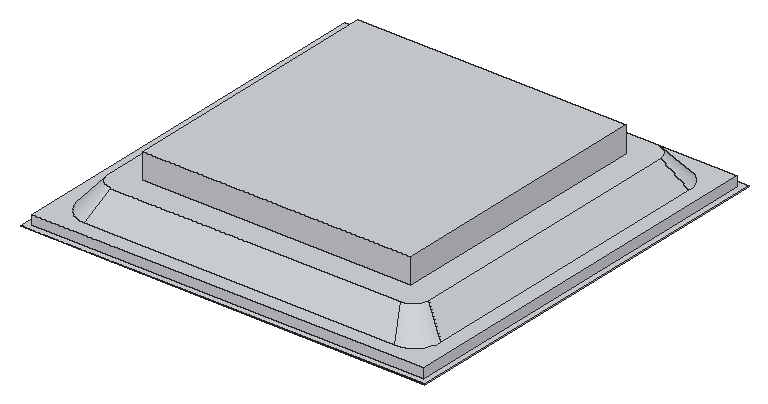
Revit family "PD-LAYIN-SQUARE NECK", category Air Terminals, Revit 2018
Family settings
  Round Connector Dimension = Use Diameter
  Part Type = Normal
  OmniClass Number = 23.75.00.00
  OmniClass Title = Climate Control (HVAC)
  Work Plane-Based = No
  Always vertical = Yes
  Cut with Voids When Loaded = No
  Shared = No
  Room Calculation Point = No
Parameters (values of type "PD-L, 16" SQUARE, ALUM")
  URL = "https://www.anemostat-hvac.com"
  Topdim = 1' - 6 13/16"
  TopRad = 0' - 0 115/128"
  Square Collar = Neck Size - 0' 0 1/4"  # 1' - 3 3/4"
  SecondLevel = 0' - 1 1/2"
  Neck Size = 1' - 4"
  Model = "3PD"
  Middim = 1' - 9 7/32"
  Wall23 = 1' - 11"
  Material = Aluminum
  Manufacturer = "ANEMOSTAT PRODUCTS"
  FirstLevel = 0' - 0 147/256"
  Description = "Perforated Ceiling Return/Exhaust; Ducted 24x24 Module Size"
  CollarHi = 0' - 1 1/2"
  Round Collar = Neck Size - 0' 0 1/8"  # 1' - 3 7/8"
  Botdim = 1' - 10 15/32"
  BotRad = 0' - 0 3/8"
  Basethickness = 0' - 0 9/256"
  Basedim = 1' - 11 3/4"
Types (20): name | Square Collar | Neck Size | Model | Material | Description | Round Collar
  (no name) | 1' - 3 3/4" | 1' - 4" | "3PD" | Aluminum | "Perforated Ceiling Return/Exhaust; Ducted 24x24 Module Size" | 1' - 3 7/8"
  PD-L, 16" SQUARE, STEEL | 1' - 3 3/4" | 1' - 4" | "PD" | STEEL | "Perforated Supply Diffuser; Adjustable Discharge Pattern" | 1' - 3 7/8"
  PD-L, 18" SQUARE, ALUM | 1' - 5 3/4" | 1' - 6" | "3PD" | Aluminum | "Perforated Ceiling Return/Exhaust; Ducted 24x24 Module Size" | 1' - 5 7/8"
  PD-L, 16" SQUARE, ALUM | 1' - 3 3/4" | 1' - 4" | "3PD" | Aluminum | "Perforated Ceiling Return/Exhaust; Ducted 24x24 Module Size" | 1' - 3 7/8"
  PD-L, 14" SQUARE, ALUM | 1' - 1 3/4" | 1' - 2" | "3PD" | Aluminum | "Perforated Ceiling Return/Exhaust; Ducted 24x24 Module Size" | 1' - 1 7/8"
  PD-L, 14" SQUARE, STEEL | 1' - 1 3/4" | 1' - 2" | "PD" | STEEL | "Perforated Supply Diffuser; Adjustable Discharge Pattern" | 1' - 1 7/8"
  PD-L, 12" SQUARE, STEEL | 0' - 11 3/4" | 1' - 0" | "PD" | STEEL | "Perforated Supply Diffuser; Adjustable Discharge Pattern" | 0' - 11 7/8"
  PD-L, 10" SQUARE, STEEL | 0' - 9 3/4" | 0' - 10" | "PD" | STEEL | "Perforated Supply Diffuser; Adjustable Discharge Pattern" | 0' - 9 7/8"
  PD-L, 09" SQUARE, STEEL | 0' - 8 3/4" | 0' - 9" | "PD" | STEEL | "Perforated Supply Diffuser; Adjustable Discharge Pattern" | 0' - 8 7/8"
  PD-L, 08" SQUARE, STEEL | 0' - 7 3/4" | 0' - 8" | "PD" | STEEL | "Perforated Supply Diffuser; Adjustable Discharge Pattern" | 0' - 7 7/8"
  PD-L, 07" SQUARE, STEEL | 0' - 6 3/4" | 0' - 7" | "PD" | STEEL | "Perforated Supply Diffuser; Adjustable Discharge Pattern" | 0' - 6 7/8"
  PD-L, 06" SQUARE, STEEL | 0' - 5 3/4" | 0' - 6" | "PD" | STEEL | "Perforated Supply Diffuser; Adjustable Discharge Pattern" | 0' - 5 7/8"
  PD-L, 05" SQUARE, STEEL | 0' - 4 3/4" | 0' - 5" | "PD" | STEEL | "Perforated Supply Diffuser; Adjustable Discharge Pattern" | 0' - 4 7/8"
  PD-L, 12" SQUARE, ALUM | 0' - 11 3/4" | 1' - 0" | "3PD" | Aluminum | "Perforated Ceiling Return/Exhaust; Ducted 24x24 Module Size" | 0' - 11 7/8"
  PD-L, 10" SQUARE, ALUM | 0' - 9 3/4" | 0' - 10" | "3PD" | Aluminum | "Perforated Ceiling Return/Exhaust; Ducted 24x24 Module Size" | 0' - 9 7/8"
  PD-L, 09" SQUARE, ALUM | 0' - 8 3/4" | 0' - 9" | "3PD" | Aluminum | "Perforated Ceiling Return/Exhaust; Ducted 24x24 Module Size" | 0' - 8 7/8"
  PD-L, 08" SQUARE, ALUM | 0' - 7 3/4" | 0' - 8" | "3PD" | Aluminum | "Perforated Ceiling Return/Exhaust; Ducted 24x24 Module Size" | 0' - 7 7/8"
  PD-L, 07" SQUARE, ALUM | 0' - 6 3/4" | 0' - 7" | "3PD" | Aluminum | "Perforated Ceiling Return/Exhaust; Ducted 24x24 Module Size" | 0' - 6 7/8"
  PD-L, 06" SQUARE, ALUM | 0' - 5 3/4" | 0' - 6" | "3PD" | Aluminum | "Perforated Ceiling Return/Exhaust; Ducted 24x24 Module Size" | 0' - 5 7/8"
  PD-L, 05" SQUARE, ALUM | 0' - 4 3/4" | 0' - 5" | "3PD" | Aluminum | "Perforated Ceiling Return/Exhaust; Ducted 24x24 Module Size" | 0' - 4 7/8"
Reference planes (in)
  plane 1 "Center (Front/Back)": y = 0
  plane 2: z = 0
  plane 3 "Center (Left/Right)": x = 0
Forms (in)
  Extrusion 1, solid
    sketch origin (0, 0, 0) x (1, 0, 0) y (0, 1, 0)
      loop
        line (-11.875, 11.875) -> (-11.875, -11.875) -> (11.875, -11.875) -> (11.875, 11.875) -> (-11.875, 11.875)
    from 0 to 0.03516 <- "Basethickness"
  Extrusion 2, solid
    sketch origin (0, 0, 0) x (1, 0, 0) y (0, 1, 0)
      loop
        line (-11.5, 11.5) -> (-11.5, -11.5) -> (11.5, -11.5) -> (11.5, 11.5) -> (-11.5, 11.5)
    from 0 to 0.57422 <- "FirstLevel"
  Blend 3, solid
    base sketch origin (0, 0, 0.57422) x (1, 0, 0) y (0, 1, 0)
      loop
        arc (-9.10937, 10.60937) -> (-10.17004, 10.17004) -> (-10.60937, 9.10937) r 1.5
        line (-10.60937, 9.10937) -> (-10.60937, -9.10938)
        arc (-10.60937, -9.10938) -> (-10.17004, -10.17004) -> (-9.10937, -10.60938) r 1.5
        line (-9.10937, -10.60938) -> (9.10938, -10.60938)
        arc (9.10938, -10.60938) -> (10.17004, -10.17004) -> (10.60938, -9.10938) r 1.5
        line (10.60938, -9.10938) -> (10.60938, 9.10937)
        arc (10.60938, 9.10937) -> (10.17004, 10.17004) -> (9.10938, 10.60937) r 1.5
        line (9.10938, 10.60937) -> (-9.10937, 10.60937)
    top sketch origin (0, 0, 0.57422) x (1, 0, 0) y (0, 1, 0)
      loop
        arc (-8.50781, 9.40625) -> (-9.1431, 9.1431) -> (-9.40625, 8.50781) r 0.89844
        line (-9.40625, 8.50781) -> (-9.40625, -8.50781)
        arc (-9.40625, -8.50781) -> (-9.1431, -9.1431) -> (-8.50781, -9.40625) r 0.89844
        line (-8.50781, -9.40625) -> (8.50781, -9.40625)
        arc (8.50781, -9.40625) -> (9.1431, -9.1431) -> (9.40625, -8.50781) r 0.89844
        line (9.40625, -8.50781) -> (9.40625, 8.50781)
        arc (9.40625, 8.50781) -> (9.1431, 9.1431) -> (8.50781, 9.40625) r 0.89844
        line (8.50781, 9.40625) -> (-8.50781, 9.40625)
    from 0 to 1.5 <- "SecondLevel"
  Extrusion 4, solid
    sketch origin (0, 0, 2.07422) x (1, 0, 0) y (0, 1, 0)
      loop
        line (-7.875, 7.875) -> (-7.875, -7.875) -> (7.875, -7.875) -> (7.875, 7.875) -> (-7.875, 7.875)
    from 0 to 1.5 <- "CollarHi"
Dimensions and locks (in)
  equal spacing: Extrusion 1 sketch curve, plane 3 "Center (Left/Right)", Extrusion 1 sketch curve
  equal spacing: Extrusion 1 sketch curve, plane 1 "Center (Front/Back)", Extrusion 1 sketch curve
  "Basedim": Extrusion 1 sketch curve to Extrusion 1 sketch curve  (x2)
  equal spacing: Extrusion 2 sketch curve, plane 3 "Center (Left/Right)", Extrusion 2 sketch curve
  equal spacing: Extrusion 2 sketch curve, plane 1 "Center (Front/Back)", Extrusion 2 sketch curve
  "Wall23": Extrusion 2 sketch curve to Extrusion 2 sketch curve  (x2)
  equal spacing: Blend 3 sketch curve, plane 3 "Center (Left/Right)", Blend 3 sketch curve  (x2)
  equal spacing: Blend 3 sketch curve, plane 1 "Center (Front/Back)", Blend 3 sketch curve  (x2)
  "Middim": Blend 3 sketch curve to Blend 3 sketch curve  (x2)
  "Topdim": Blend 3 sketch curve to Blend 3 sketch curve  (x2)
  equal spacing: Extrusion 4 sketch curve, plane 3 "Center (Left/Right)", Extrusion 4 sketch curve
  equal spacing: Extrusion 4 sketch curve, plane 1 "Center (Front/Back)", Extrusion 4 sketch curve
  "Square Collar": Extrusion 4 sketch curve to Extrusion 4 sketch curve  (x2)
  "TopRad": radius of Blend 3 sketch curve  (x4)
  "CollarHi": radius of Blend 3 sketch curve  (x4)
  aligned and locked: level to plane 2
Connectors (in)
  hvac at (0, 0, 3.57422), driven by "Neck Size", driven by "Neck Size"
    settings: on Extrusion 4, index 1, duct flow 0 CFM, flow factor 0, pres drop 0.00 in-wg, loss coef 0, conn angle 0.00°, conn width 16", conn height 16", conn diameter 24", duct sys type 1, conn prof type 1, flow config 0, flow direction 0, loss method 0, conn ref index -1, conn util no, is conn primary yes, conn desc ""
